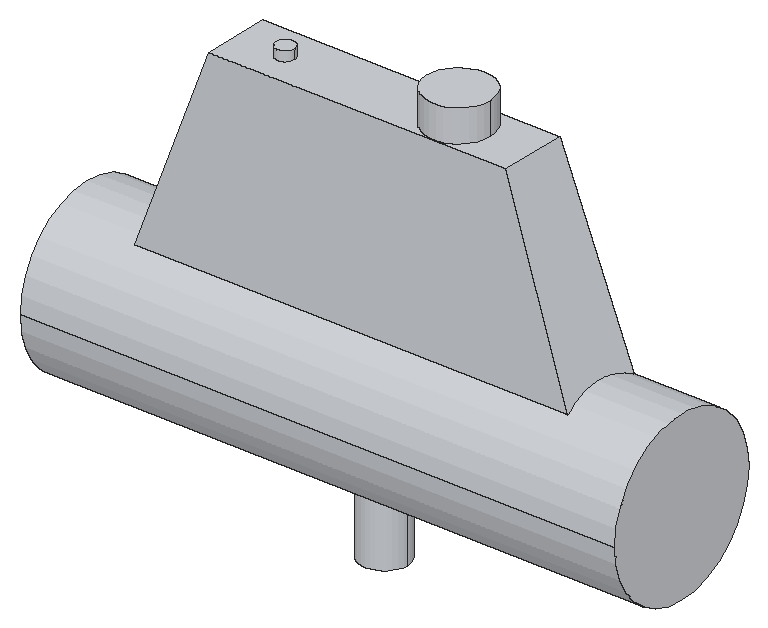
Revit family "c1df1b63036648c8a4860cc6eee13ef1", category Pipe Accessories, Revit 2021
Family settings
  Round Connector Dimension = Use Radius
  Part Type = Breaks Into
  OmniClass Number = 23.65.20.11.11.17
  OmniClass Title = Vents for Liquid Storage Tanks
  Seek Item ID = Air Scoop - 1.5-4 Inch-0000-USA-ENU
  Work Plane-Based = No
  Always vertical = Yes
  Cut with Voids When Loaded = No
  Shared = No
Parameters (values of type "1 1/2"")
  Width 2 = 3 / 4 * Nominal Diameter  # 0' - 1 1/8"
  Width 1 = 3 / 5 * Nominal Diameter  # 0' - 0.9"
  Vent Radius = 1/16"
  Vent Outside Radius = 2 * Vent Radius  # 0' - 0 1/8"
  Vent Offset = 1 / 3 * Length 1  # 0' - 1.33333"
  Vent Height = Vent Diameter  # 0' - 0 1/8"
  Vent Flow [instance] = 0 GPM
  Vent Diameter = Vent Radius * 2  # 1/8"
  Separator Length = 0' - 8"
  Separator Height = 0' - 6"
  Outside Radius = 3 / 4 * Nominal Diameter  # 0' - 1 1/8"
  Offset 1 = 2 / 3 * Outside Radius  # 0' - 0 3/4"
  Nominal Radius = 3/4"
  Nominal Diameter = Nominal Radius * 2  # 1 1/2"
  Length 2 = 3 / 4 * Separator Length  # 0' - 6"
  Length 1 = 1 / 2 * Separator Length  # 0' - 4"
  K Coefficient = 1.21
  Flow [instance] = 24 GPM
  Default Elevation = 0' - 0"
  C5 Offset 1 = 0' - 4"
  Bottom Tank Radius = 1/4"
  Bottom Tank Outside Radius = 1.25 * Bottom Tank Radius  # 0' - 0 5/16"
  Bottom Tank Diameter = Bottom Tank Radius * 2  # 1/2"
  Air Separator Material = none
  Addtional Top Tank Radius = 3/8"
  Addtional Top Tank Outside Radius = 1.15 * Addtional Top Tank Radius  # 0' - 0.43125"
  Addtional Top Tank Offset = 1 / 4 * Length 1  # 0' - 1"
  Addtional Top Tank Diameter = Addtional Top Tank Radius * 2  # 3/4"
  Additional Top Tank Height = Addtional Top Tank Outside Radius  # 0' - 0.43125"
Types (6): name | Width 2 | Width 1 | Vent Offset | Separator Length | Separator Height | Outside Radius | Offset 1 | Nominal Radius | Nominal Diameter | Length 2 | Length 1 | K Coefficient | Flow | C5 Offset 1 | Addtional Top Tank Radius | Addtional Top Tank Outside Radius | Addtional Top Tank Offset | Addtional Top Tank Diameter | Additional Top Tank Height
  (no name) | 0' - 1 1/8" | 0' - 0.9" | 0' - 1.33333" | 0' - 8" | 0' - 6" | 0' - 1 1/8" | 0' - 0 3/4" | 3/4" | 1 1/2" | 0' - 6" | 0' - 4" | 1.21 | 24 GPM | 0' - 4" | 3/8" | 0' - 0.43125" | 0' - 1" | 3/4" | 0' - 0.43125"
  1 1/2" | 0' - 1 1/8" | 0' - 0.9" | 0' - 1.33333" | 0' - 8" | 0' - 6" | 0' - 1 1/8" | 0' - 0 3/4" | 3/4" | 1 1/2" | 0' - 6" | 0' - 4" | 1.21 | 24 GPM | 0' - 4" | 3/8" | 0' - 0.43125" | 0' - 1" | 3/4" | 0' - 0.43125"
  2" | 0' - 1 1/2" | 0' - 1.2" | 0' - 1.33333" | 0' - 8" | 0' - 6" | 0' - 1 1/2" | 0' - 1" | 1" | 2" | 0' - 6" | 0' - 4" | 1.25 | 38 GPM | 0' - 4" | 3/8" | 0' - 0.43125" | 0' - 1" | 3/4" | 0' - 0.43125"
  2 1/2" | 0' - 1 7/8" | 0' - 1 1/2" | 0' - 1.66667" | 0' - 10" | 0' - 8" | 0' - 1 7/8" | 0' - 1 1/4" | 1 1/4" | 2 1/2" | 0' - 7 1/2" | 0' - 5" | 1.77 | 63 GPM | 0' - 5 1/2" | 1/2" | 0' - 0.575" | 0' - 1 1/4" | 1" | 0' - 0.575"
  3" | 0' - 2 1/4" | 0' - 1.8" | 0' - 1.66667" | 0' - 10" | 0' - 8" | 0' - 2 1/4" | 0' - 1 1/2" | 1 1/2" | 3" | 0' - 7 1/2" | 0' - 5" | 1.75 | 97 GPM | 0' - 5 1/2" | 5/8" | 0' - 0 23/32" | 0' - 1 1/4" | 1 1/4" | 0' - 0 23/32"
  4" | 0' - 3" | 0' - 2.4" | 0' - 2 23/32" | 1' - 4 5/16" | 0' - 11 5/8" | 0' - 3" | 0' - 2" | 2" | 4" | 1' - 0 15/64" | 0' - 8 5/32" | 0.63 | 152 GPM | 0' - 7 1/8" | 3/4" | 0' - 0.8625" | 0' - 2 5/128" | 1 1/2" | 0' - 0.8625"
Reference planes (in)
  plane 1 "Center (Front/Back)": y = 0
  plane 2: z = 0
  plane 3 "Center (Left/Right)": x = 0
  plane 4: z = 0.75
  plane 5: z = 4
  plane 6: z = -2
  plane 7: z = 3.56875
  plane 8: z = 3.69375
  plane 9: y = 0.45
  plane 10: y = -0.45
  plane 11: y = 0.5625
  plane 12: y = -0.5625
  plane 13: x = -2
  plane 14: x = 2
  plane 15: x = -3
  plane 16: x = 3
  plane 17: x = -4
  plane 18: x = 4
  plane 19: x = -1.33333
  plane 20: x = 1
Forms (in)
  Extrusion 1, solid, material <- "Air Separator Material"
    sketch origin (-4, -0.85171, 48) x (0, -1, 0) y (0, 0, 1)
      loop
        circle (-0.85171, -48) r 1.125
    from -8 to 0
  Blend 2, solid, material <- "Air Separator Material"
    base sketch origin (0, 0, 0) x (1, 0, 0) y (0, 1, 0)
      loop
        line (-3, 0.5625) -> (-3, -0.5625) -> (3, -0.5625) -> (3, 0.5625) -> (-3, 0.5625)
    top sketch origin (0, 0, 0) x (1, 0, 0) y (0, 1, 0)
      loop
        line (-2, 0.45) -> (-2, -0.45) -> (2, -0.45) -> (2, 0.45) -> (-2, 0.45)
    from 0.75 to 3.56875
  Extrusion 3, solid, material <- "Air Separator Material"
    sketch origin (0, 0, 0) x (1, 0, 0) y (0, 1, 0)
      loop
        circle (-1.33333, 0) r 0.125
    from 3.56875 to 3.69375
  Extrusion 4, solid, material <- "Air Separator Material"
    sketch origin (0, 0, 0) x (1, 0, 0) y (0, 1, 0)
      loop
        circle (1, 0) r 0.43125
    from 3.56875 to 4
  Extrusion 5, solid, material <- "Air Separator Material"
    sketch origin (0, 0, 0) x (1, 0, 0) y (0, 1, 0)
      loop
        circle (0, 0) r 0.3125
    from -2 to 0
Cuts and joins
  joined: Extrusion 1, Blend 2, Extrusion 3, Extrusion 4, Extrusion 5
Dimensions and locks (in)
  "Offset 1": plane 4 to plane 2
  "C5 Offset 1": plane 5 to plane 2
  "Separator Height": plane 5 to plane 6
  "Additional Top Tank Height": plane 5 to plane 7
  "Vent Height": plane 8 to plane 7
  equal spacing: plane 9, plane 1 "Center (Front/Back)", plane 10
  "Width 1": plane 9 to plane 10
  equal spacing: plane 11, plane 1 "Center (Front/Back)", plane 12
  "Width 2": plane 11 to plane 12
  equal spacing: plane 13, plane 3 "Center (Left/Right)", plane 14
  "Length 1": plane 13 to plane 14
  equal spacing: plane 15, plane 3 "Center (Left/Right)", plane 16
  "Length 2": plane 15 to plane 16
  equal spacing: plane 17, plane 3 "Center (Left/Right)", plane 18
  "Separator Length": plane 17 to plane 18
  "Vent Offset": plane 19 to plane 3 "Center (Left/Right)"
  "Addtional Top Tank Offset": plane 3 "Center (Left/Right)" to plane 20
  "Outside Radius": radius of Extrusion 1 sketch curve
  "Vent Outside Radius": radius of Extrusion 3 sketch curve
  "Addtional Top Tank Outside Radius": radius of Extrusion 4 sketch curve
  "Bottom Tank Outside Radius": radius of Extrusion 5 sketch curve
  aligned and locked: plane 2 to Extrusion 1 sketch curve
  aligned and locked: plane 1 "Center (Front/Back)" to Extrusion 1 sketch curve
  aligned and locked: plane 18 to Extrusion 1
  aligned and locked: plane 17 to Extrusion 1
  aligned and locked: plane 15 to Blend 2 sketch curve
  aligned and locked: Blend 2 sketch curve to plane 11
  aligned and locked: Blend 2 sketch curve to plane 16
  aligned and locked: plane 13 to Blend 2 sketch curve
  aligned and locked: Blend 2 sketch curve to plane 9
  aligned and locked: Blend 2 sketch curve to plane 14
  aligned and locked: Blend 2 sketch curve to plane 12
  aligned and locked: plane 10 to Blend 2 sketch curve
  aligned and locked: Blend 2 sketch curve to plane 13
  aligned and locked: Blend 2 sketch curve to plane 15
  aligned and locked: Blend 2 to plane 4
  aligned and locked: plane 7 to Blend 2
  aligned and locked: plane 1 "Center (Front/Back)" to Extrusion 3 sketch curve
  aligned and locked: plane 19 to Extrusion 3 sketch curve
  aligned and locked: Extrusion 3 to plane 7
  aligned and locked: plane 8 to Extrusion 3
  aligned and locked: plane 20 to Extrusion 4 sketch curve
  aligned and locked: plane 1 "Center (Front/Back)" to Extrusion 4 sketch curve
  aligned and locked: Extrusion 4 to plane 7
  aligned and locked: plane 5 to Extrusion 4
  aligned and locked: plane 1 "Center (Front/Back)" to Extrusion 5 sketch curve
  aligned and locked: plane 3 "Center (Left/Right)" to Extrusion 5 sketch curve
  aligned and locked: Extrusion 5 to plane 6
  aligned and locked: level to Extrusion 5
Connectors (in)
  piping at (-4, 0, 0), diameter 1.5, driven by "Nominal Radius"
    settings: on cut or joined group of Extrusion 1, Blend 2, Extrusion 3, Extrusion 4, Extrusion 5, index 1, connector inside diameter 1 1/2", connector length 0' - 0", flow factor 0, pipe flow 0 GPM, pressure drop 0.00 psi, fitting loss kfactor 0, connector angle 0.00°, fixture units 0, engagement length 0' - 0", angle of deflection 0.00°, flow configuration 0, flow direction 0, fitting loss method 2, system type 29, joint type 0, gender type 0, connector reference index 2, connector utility 0, adjustable connector no, is connector primary yes, connector description "Connected to Boiler/Chiller In"
  piping at (4, 0, 0), diameter 1.5, driven by "Nominal Radius", driven by "K Coefficient"
    settings: on cut or joined group of Extrusion 1, Blend 2, Extrusion 3, Extrusion 4, Extrusion 5, index 2, connector inside diameter 1 1/2", connector length 0' - 0", flow factor 0, pipe flow 0 GPM, pressure drop 0.00 psi, fitting loss kfactor 1.21, connector angle 0.00°, fixture units 0, engagement length 0' - 0", angle of deflection 0.00°, flow configuration 0, flow direction 0, fitting loss method 2, system type 29, joint type 0, gender type 0, connector reference index 1, connector utility 0, adjustable connector no, is connector primary no, connector description "Connected to Pump Out"
  piping at (-1.33333, 0, 3.69375), diameter 0.125, driven by "Vent Radius"
    settings: on Extrusion 3, index 3, connector inside diameter 1/8", connector length 0' - 0", flow factor 0, pipe flow 0 GPM, pressure drop 0.00 psi, fitting loss kfactor 0, connector angle 0.00°, fixture units 0, engagement length 0' - 0", angle of deflection 0.00°, flow configuration 1, flow direction 2, fitting loss method 0, system type 29, joint type 0, gender type 0, connector reference index -1, connector utility 0, adjustable connector no, is connector primary no, connector description "Connected to Vent or Diaphragm/Compression Tank Out"
  piping at (0, 0, -2), diameter 0.5, driven by "Bottom Tank Radius"
    settings: on cut or joined group of Extrusion 1, Blend 2, Extrusion 3, Extrusion 4, Extrusion 5, index 4, connector inside diameter 1/2", connector length 0' - 0", flow factor 0, pipe flow 0 GPM, pressure drop 0.00 psi, fitting loss kfactor 0, connector angle 0.00°, fixture units 0, engagement length 0' - 0", angle of deflection 0.00°, flow configuration 1, flow direction 1, fitting loss method 0, system type 29, joint type 0, gender type 0, connector reference index -1, connector utility 0, adjustable connector no, is connector primary no, connector description "Connected to Diaphragm/Compression Tank Out"
  piping at (1, 0, 4), diameter 0.75, driven by "Addtional Top Tank Radius"
    settings: on Extrusion 4, index 5, connector inside diameter 3/4", connector length 0' - 0", flow factor 0, pipe flow 0 GPM, pressure drop 0.00 psi, fitting loss kfactor 0, connector angle 0.00°, fixture units 0, engagement length 0' - 0", angle of deflection 0.00°, flow configuration 1, flow direction 2, fitting loss method 0, system type 29, joint type 0, gender type 0, connector reference index -1, connector utility 0, adjustable connector no, is connector primary no, connector description "Connected to Plain Expansion Tank Out"
